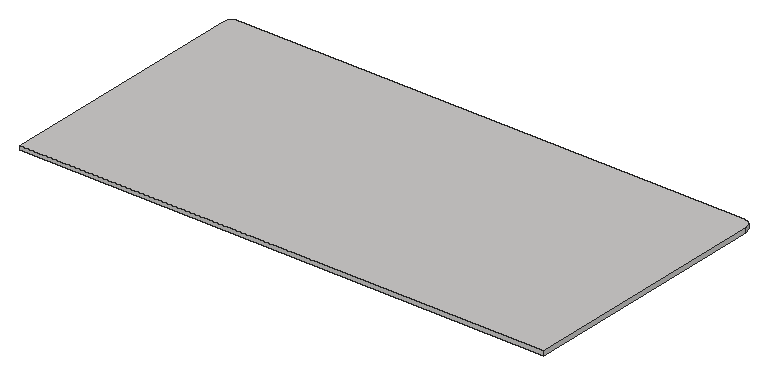
Revit family "PRD_FrankeWS_Splshbcks_SiriusSplashback_F831", category Furniture, host Face, Revit 2018
Family settings
  Host = Face
  OmniClass Number = 23.45.00.00
  OmniClass Title = Sanitary, Laundry, and Cleaning Equipment
  Cut with Voids When Loaded = No
  Shared = No
  Room Calculation Point = No
Parameters (values of type "F831")
  WarrantyStartDate [instance] = "1900-12-31T23:59:59"
  WarrantyGuarantorParts = "n/a"
  WarrantyGuarantorLabor = "n/a"
  WarrantyDurationUnit = "year"
  WarrantyDurationParts = "n/a"
  WarrantyDurationLabor = "n/a"
  WarrantyDescription = "n/a"
  Version = "1"
  Uniclass2015Version = "Products v1.5"
  Uniclass2015Title = "Splashbacks"
  Uniclass2015Code = "Pr_40_20_76_83"
  URL = "www.kwc.com"
  TagNumber [instance] = "n/a"
  SustainabilityPerformance = "n/a"
  Style = "Splashback"
  SplashbackMaterial = PRD_AR_StainlessSteel_SatinFinished
  Size = "500 x 250 x 4 mm"
  Shape = "Rectangular"
  SerialNumber [instance] = "n/a"
  Revision = "n/a"
  ReplacementCost = "n/a"
  ProductInformation = "https://pim.kwc.com/product/2000057029/attachment/datasheet?locale=en"
  NominalWidth = 0 mm
  NominalLength = 500 mm
  NominalHeight = 250 mm
  NominalDepth = 4 mm
  NetWeight = 1.10 kg
  Name = "Sirius splashback F831"
  NBSTypeID = "n/a"
  NBSReference = "45-35-15/464"
  NBSOfficeMasterTag = "n/a"
  NBSNote = "n/a"
  NBSDescription = "Splashbacks"
  NBSCertification = "n/a"
  ModelReference = "F831"
  ModelNumber = "2000057029"
  Model = ModelReference  # "F831"
  Material = "Stainless steel 1.4301"
  ManufacturerURL = "www.kwc.com"
  ManufacturerName = "KWC Group AG"  # constant formula
  Manufacturer = ManufacturerName  # "KWC Group AG"
  MainColor = "Stainless steel"
  InstallationDate [instance] = "1900-12-31T23:59:59"
  IfcExportType = "NOTDEFINED"
  IfcExportAs = "IfcFurnitureType"
  GrossWeight = 1.50 kg
  Grade = "n/a"
  FixingHoles = "n/a"
  Finish = "Satin finished"
  Features = "stainless steel, 0.90 mm, satin finished, wall mounting, 500x250x4 mm (WxHxD)"
  ExpectedLife = "n/a"
  Edges = "Square"
  DurationUnit = "year"
  Description = "Splash back for fixing onto general purpose sink type WB500GV, stainless steel, surface satin finished, material thickness, 0.9 mm, incl. mounting set."
  Default Elevation = 850 mm
  Constituents = "n/a"
  Color = "Stainless steel"
  CodePerformance = "n/a"
  Category = "Pr_40_20_76_83, Splashbacks"
  BarCode [instance] = "n/a"
  BIMObjectName = "PRD_AR_Splashbacks_SiriusSplashback_F831"
  Author = "Archispace"  # constant formula
  AssetType = "Fixed"
  AssetIdentifier [instance] = "n/a"
  AccessibilityPerformance = "n/a"
Reference planes
  plane 1 "Center (Front/Back)": y = 0
  plane 2: z = 0
  plane 3 "Center (Left/Right)": x = 0
  plane 4: x = -250
  plane 5: x = 250
  plane 6: y = 250
Forms (mm)
  Extrusion 1, solid, material "PRD_AR_StainlessSteel_SatinFinished" <- "SplashbackMaterial"
    sketch origin (0, 0, 0) x (1, 0, 0) y (0, 1, 0)
      loop
        line (250, 0) -> (250, 240)
        arc (250, 240) -> (247.071, 247.071) -> (240, 250) r 10
        line (240, 250) -> (-240, 250)
        arc (-240, 250) -> (-247.071, 247.071) -> (-250, 240) r 10
        line (-250, 240) -> (-250, 0) -> (250, 0)
    from 0 to 4
Dimensions and locks
  equal spacing: plane 4, plane 3 "Center (Left/Right)", plane 5
  "NominalLength": plane 4 to plane 5
  "NominalHeight": plane 1 "Center (Front/Back)" to plane 6
  aligned and locked: plane 2 to host face
  aligned and locked: level to host face
  aligned and locked: Extrusion 1 sketch curve to plane 1 "Center (Front/Back)"
  aligned and locked: Extrusion 1 sketch curve to plane 4
  aligned and locked: Extrusion 1 sketch curve to plane 6
  aligned and locked: plane 5 to Extrusion 1 sketch curve
Automatic sketch dimensions
  host sketch curve to host sketch curve = 2438.4 mm  (x2)
  plane 4 to Extrusion 1 sketch curve = 10 mm
  Extrusion 1 sketch curve to Extrusion 1 sketch curve = 10 mm
